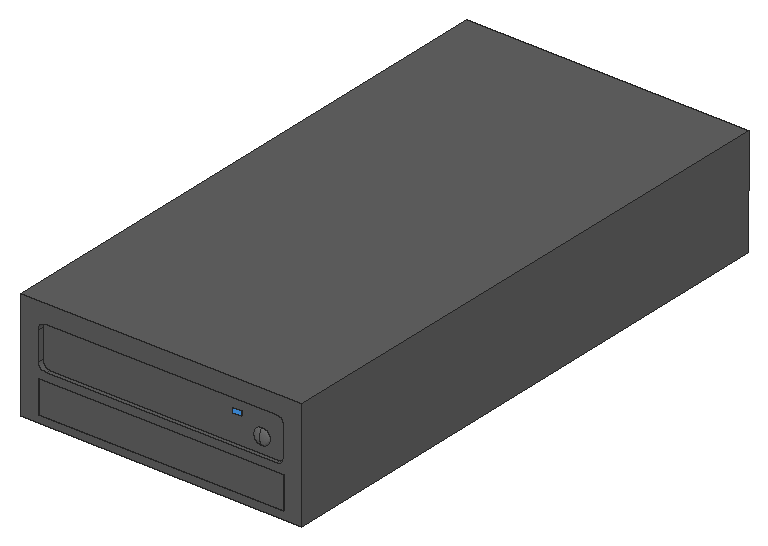
Revit family "Network IO Expander-Audio-Q-SYS-QIO-AES8x8", category Communication Devices, host Face, Revit 2022
Family settings
  Host = Face
  Round Connector Dimension = Use Diameter
  Part Type = Normal
  OmniClass Number = 23.85.10.17.11
  OmniClass Title = Audio-Visual System Components
  Cut with Voids When Loaded = No
  Maintain Annotation Orientation = No
  Shared = No
  Room Calculation Point = No
Parameters (values of type "AES8x8")
  Width = 4.29134"
  Weight Product = 1.72
  Weight Dimensional = 1.72
  Weight = 1.72 lbm
  Voltage = 24 V
  URL = "https://www.qsys.com/"
  Type Comments = "AES8x8"
  Product Page URL = "https://www.qsys.com/products-solutions/q-sys/control-io-controllers/qio-series/qio-aes8x8/"
  Product Documentation Link = "https://www.qsys.com/resource-files/productresources/dn/qio_series/q_dn_qio_aes8x8_spec_sheet.pdf"
  Power Factor = 0.9
  Part Number = ""
  Number of Poles = 2
  Model = "AES8x8"
  Minimum Circuit Amps = 2.5 A
  Manufacturer URL = "https://www.qsys.com/"
  Manufacturer = "Q-SYS"
  Load Classification = Other
  Length 1 = 0.11811"
  LED Material = Plastic - Q-SYS - LED Blue
  IQ Category = "Network IO Expander"  # constant formula
  Highlight Material = Plastic - Q-SYS - Black
  Height = 1.66929"
  Grille Material = Paint - Q-SYS - Black Mesh 2
  Frame Depth = 0.07874"
  Description = "Surface mounted network IO expander for Q-SYS platform."
  Depth = 8.5"
  Default Elevation = 48.0"
  Body Width = Width  # 4.29134"
  Body Offset = 0.0"
  Body Material = Paint - Q-SYS - Black
  Apparent Load = Voltage * Minimum Circuit Amps / Power Factor  # 66.6667 VA
Reference planes (in)
  plane 1 "Center (Front/Back)": y = 0
  plane 2: z = 0
  plane 3 "Center (Left/Right)": x = 0
  plane 4 "Back": y = 4.25
  plane 5 "Front": y = -4.25
  plane 6 "Left": x = -2.14567
  plane 7 "Right": x = 2.14567
  plane 8 "body left": x = -2.14567
  plane 9 "body right": x = 2.14567
  plane 10 "Bottom": z = 0
  plane 11 "Top": z = 1.66929
  plane 12 "body bottom": z = 0
  plane 13: z = 1.3937
  plane 14: z = 0.72441
  plane 15: x = -1.87008
  plane 16: x = 1.87008
  plane 17: y = -4.17126
  plane 18: x = 1.47638
  plane 19: z = 0.96063
  plane 20: y = -4.09252
Forms (in)
  Extrusion 1, solid, detail levels coarse
    sketch origin (0, 0, 0) x (1, 0, 0) y (0, 1, 0)
      loop
        line (-2.14567, 4.25) -> (-2.14567, -4.25) -> (2.14567, -4.25) -> (2.14567, 4.25) -> (-2.14567, 4.25)
    from 0 to 1.66929
  Extrusion 2, solid, material "Paint - Q-SYS - Black" <- "Body Material", detail levels medium+fine
    sketch origin (0, 0, 1.66929) x (-1, 0, 0) y (0, -1, 0)
      loop
        line (2.14567, -4.25) -> (2.14567, 4.25) -> (-2.14567, 4.25) -> (-2.14567, -4.25) -> (2.14567, -4.25)
    from -1.66929 to 0
  Extrusion 3, void
    sketch origin (0, -4.25, 0) x (-1, 0, 0) y (0, 0, 1)
      loop
        line (1.75197, 1.3937) -> (-1.75197, 1.3937)
        arc (-1.75197, 1.3937) -> (-1.83549, 1.35911) -> (-1.87008, 1.27559) r 0.11811
        line (-1.87008, 1.27559) -> (-1.87008, 0.84252)
        arc (-1.87008, 0.84252) -> (-1.83549, 0.759) -> (-1.75197, 0.72441) r 0.11811
        line (-1.75197, 0.72441) -> (1.75197, 0.72441)
        arc (1.75197, 0.72441) -> (1.83549, 0.759) -> (1.87008, 0.84252) r 0.11811
        line (1.87008, 0.84252) -> (1.87008, 1.27559)
        arc (1.87008, 1.27559) -> (1.83549, 1.35911) -> (1.75197, 1.3937) r 0.11811
    from 0 to 0.07874
  Extrusion 4, void
    sketch origin (0, -4.25, 0) x (-1, 0, 0) y (0, 0, 1)
      loop
        line (-1.87008, 0.6063) -> (-1.87008, 0.11811) -> (1.87008, 0.11811) -> (1.87008, 0.6063) -> (-1.87008, 0.6063)
    from 0.07874 to 0
  Extrusion 5, solid, material "Paint - Q-SYS - Black Mesh 2" <- "Grille Material", detail levels medium+fine
    sketch origin (0, -4.25, 0) x (-1, 0, 0) y (0, 0, 1)
      loop
        line (-1.87008, 0.6063) -> (-1.87008, 0.11811) -> (1.87008, 0.11811) -> (1.87008, 0.6063) -> (-1.87008, 0.6063)
    from 0.07874 to 0
  Revolve 6, solid, material "Plastic - Q-SYS - Black" <- "Highlight Material", detail levels fine
    sketch origin (1.47638, -180, 2.1288) x (0, 0, 1) y (0, -1, 0)
      loop
        line (-1.16817, -175.82874) -> (-1.04841, -175.82874)
        spline (-1.04841, -175.82874) -> (-1.04943, -175.8236) -> (-1.05249, -175.81855) -> (-1.05752, -175.81367) -> (-1.06445, -175.80906) -> (-1.07316, -175.80477) -> (-1.08348, -175.8009) -> (-1.09526, -175.79751) -> (-1.10829, -175.79464) -> (-1.12234, -175.79237) -> (-1.13717, -175.79071) -> (-1.15254, -175.78971) -> (-1.16817, -175.78937)
        line (-1.16817, -175.78937) -> (-1.16817, -175.82874)
      axis (-1.16817, -175.82874) -> (-1.16817, -175.78937)
    angle from 0 to 360
  Extrusion 7, solid, material "Plastic - Q-SYS - LED Blue" <- "LED Material", detail levels fine
    sketch origin (-8.27466, -4.09252, 48) x (-1, 0, 0) y (0, 0, 1)
      loop
        line (-9.31274, -46.7994) -> (-9.44062, -46.7994) -> (-9.44062, -46.86334) -> (-9.31274, -46.86334) -> (-9.31274, -46.7994)
    from 0 to -0.08661
  Extrusion 8, solid, material "Paint - Q-SYS - Black" <- "Body Material", detail levels medium+fine
    sketch origin (0, 4.25, 0) x (-1, 0, 0) y (0, 0, 1)
      loop
        line (-1.87008, 1.3937) -> (-1.87008, 1.03937) -> (-1.43701, 1.03937) -> (-1.43701, 1.3937) -> (-1.87008, 1.3937)
      loop
        line (-0.96457, 1.03937) -> (-0.96457, 1.3937) -> (-1.39764, 1.3937) -> (-1.39764, 1.03937) -> (-0.96457, 1.03937)
      loop
        line (-1.87008, 0.62992) -> (-1.87008, 0.27559) -> (-1.43701, 0.27559) -> (-1.43701, 0.62992) -> (-1.87008, 0.62992)
      loop
        line (-0.96457, 0.27559) -> (-0.96457, 0.62992) -> (-1.39764, 0.62992) -> (-1.39764, 0.27559) -> (-0.96457, 0.27559)
      loop
        line (-0.9252, 1.3937) -> (-0.9252, 1.03937) -> (-0.49213, 1.03937) -> (-0.49213, 1.3937) -> (-0.9252, 1.3937)
      loop
        line (-0.01969, 1.03937) -> (-0.01969, 1.3937) -> (-0.45276, 1.3937) -> (-0.45276, 1.03937) -> (-0.01969, 1.03937)
      loop
        line (-0.9252, 0.62992) -> (-0.9252, 0.27559) -> (-0.49213, 0.27559) -> (-0.49213, 0.62992) -> (-0.9252, 0.62992)
      loop
        line (-0.01969, 0.27559) -> (-0.01969, 0.62992) -> (-0.45276, 0.62992) -> (-0.45276, 0.27559) -> (-0.01969, 0.27559)
    from 0 to -0.03937
Cuts and joins
  Extrusion 3, Extrusion 4 cuts Extrusion 2
Lines and regions (in)
  Masking region 1, detail levels coarse
    outline origin (0, 0, 0) x (1, 0, 0) y (0, 1, 0)
      loop
        line (-2.14567, 4.25) -> (-2.14567, -4.25) -> (2.14567, -4.25) -> (2.14567, 4.25) -> (-2.14567, 4.25)
  Masking region 2, detail levels coarse
    outline origin (0, 0, 0) x (1, 0, 0) y (0, 0, 1)
      loop
        line (2.14567, 1.66929) -> (-2.14567, 1.66929) -> (-2.14567, 0) -> (2.14567, 0) -> (2.14567, 1.66929)
  Masking region 3, detail levels medium+fine
    outline origin (0, 0, 0) x (1, 0, 0) y (0, 0, 1)
      loop
        line (2.14567, 1.66929) -> (-2.14567, 1.66929) -> (-2.14567, 0) -> (2.14567, 0) -> (2.14567, 1.66929)
  Masking region 4, detail levels coarse
    outline origin (0, 0, 0) x (0, 1, 0) y (0, 0, 1)
      loop
        line (-4.25, 1.66929) -> (-4.25, 0) -> (4.25, 0) -> (4.25, 1.66929) -> (-4.25, 1.66929)
  Masking region 5, detail levels medium+fine
    outline origin (0, 0, 0) x (0, 1, 0) y (0, 0, 1)
      loop
        line (-4.25, 1.66929) -> (-4.25, 0) -> (4.25, 0) -> (4.25, 1.66929) -> (-4.25, 1.66929)
  Masking region 6, detail levels medium+fine
    outline origin (0, 0, 1.66929) x (-1, 0, 0) y (0, -1, 0)
      loop
        line (-2.14567, -4.25) -> (2.14567, -4.25) -> (2.14567, 4.25) -> (-2.14567, 4.25) -> (-2.14567, -4.25)
  symbolic lines, style "Detail", detail levels fine
    curve 1: circle (1.47638, -4.25, 0.96063) r 0.11977 normal (0, 1, 0)
    curve 10: line (1.03808, -4.25, 1.13666) -> (1.16596, -4.25, 1.13666)
    curve 11: line (1.16596, -4.25, 1.13666) -> (1.16596, -4.25, 1.2006)
    curve 12: line (1.16596, -4.25, 1.2006) -> (1.03808, -4.25, 1.2006)
    curve 13: line (1.03808, -4.25, 1.2006) -> (1.03808, -4.25, 1.13666)
  symbolic lines, style "Outline", detail levels medium+fine
    curve 2: line (-1.75197, -4.25, 1.3937) -> (1.75197, -4.25, 1.3937)
    curve 3: arc (1.75197, -4.25, 1.3937) -> (1.83549, -4.25, 1.35911) -> (1.87008, -4.25, 1.27559) r 0.11811
    curve 4: line (1.87008, -4.25, 1.27559) -> (1.87008, -4.25, 0.84252)
    curve 5: arc (1.87008, -4.25, 0.84252) -> (1.83549, -4.25, 0.759) -> (1.75197, -4.25, 0.72441) r 0.11811
    curve 6: line (1.75197, -4.25, 0.72441) -> (-1.75197, -4.25, 0.72441)
    curve 7: arc (-1.75197, -4.25, 0.72441) -> (-1.83549, -4.25, 0.759) -> (-1.87008, -4.25, 0.84252) r 0.11811
    curve 8: line (-1.87008, -4.25, 0.84252) -> (-1.87008, -4.25, 1.27559)
    curve 9: arc (-1.87008, -4.25, 1.27559) -> (-1.83549, -4.25, 1.35911) -> (-1.75197, -4.25, 1.3937) r 0.11811
Dimensions and locks (in)
  equal spacing: plane 4 "Back", plane 1 "Center (Front/Back)", plane 5 "Front"
  "Depth": plane 4 "Back" to plane 5 "Front"
  equal spacing: plane 6 "Left", plane 3 "Center (Left/Right)", plane 7 "Right"
  "Width": plane 6 "Left" to plane 7 "Right"
  "Height": plane 11 "Top" to plane 12 "body bottom"
  "Body Offset": plane 12 "body bottom" to plane 10 "Bottom"
  equal spacing: plane 8 "body left", plane 3 "Center (Left/Right)", plane 9 "body right"
  "Body Width": plane 8 "body left" to plane 9 "body right"
  locked: plane 13 to plane 14 at 0.66929
  locked: plane 11 "Top" to plane 13 at 0.27559
  locked: plane 9 "body right" to plane 16 at 0.27559
  locked: plane 15 to plane 8 "body left" at 0.27559
  "Frame Depth": plane 17 to plane 5 "Front"
  locked: plane 19 to plane 14 at 0.23622
  "Frame Depth": plane 20 to plane 17
  plane 16 to plane 18 = 0.3937"
  "Length 1": Extrusion 4 sketch curve to plane 12 "body bottom"
  "Length 1": plane 14 to Extrusion 4 sketch curve
  Extrusion 8 sketch curve to Extrusion 8 sketch curve = 0.43307"
  locked: Extrusion 8 sketch curve to Extrusion 8 sketch curve at 0.35433  (x4)
  locked: Extrusion 8 sketch curve to Extrusion 8 sketch curve at 0.03937  (x3)
  locked: plane 12 "body bottom" to Extrusion 8 sketch curve at 0.27559
  locked: Extrusion 8 sketch curve to Extrusion 8 sketch curve at 0.43307  (x3)
  "Length 1": radius of Extrusion 3 sketch curve  (x4)
  aligned and locked: plane 2 to host face
  aligned and locked: level to host face
  aligned and locked: plane 6 "Left" to Extrusion 1 sketch curve
  aligned and locked: Extrusion 1 sketch curve to plane 4 "Back"
  aligned and locked: Extrusion 1 sketch curve to plane 7 "Right"
  aligned and locked: plane 5 "Front" to Extrusion 1 sketch curve
  aligned and locked: level to plane 10 "Bottom"
  aligned and locked: plane 6 "Left" to Masking region 1 sketch curve
  aligned and locked: Masking region 1 sketch curve to plane 7 "Right"
  aligned and locked: Masking region 1 sketch curve to plane 4 "Back"
  aligned and locked: plane 5 "Front" to Masking region 1 sketch curve
  aligned and locked: Masking region 2 sketch curve to Extrusion 1  (x4)
  aligned and locked: Extrusion 1 to plane 10 "Bottom"
  aligned and locked: plane 11 "Top" to Extrusion 1
  aligned and locked: Masking region 4 sketch curve to Extrusion 1  (x4)
  aligned and locked: Extrusion 2 sketch curve to plane 9 "body right"
  aligned and locked: plane 5 "Front" to Extrusion 2 sketch curve
  aligned and locked: plane 8 "body left" to Extrusion 2 sketch curve
  aligned and locked: Extrusion 2 sketch curve to plane 4 "Back"
  aligned and locked: Extrusion 2 to plane 12 "body bottom"
  aligned and locked: plane 11 "Top" to Extrusion 2
  aligned and locked: plane 15 to Extrusion 3 sketch curve
  aligned and locked: Extrusion 3 sketch curve to plane 16
  aligned and locked: plane 17 to Extrusion 3
  aligned and locked: Extrusion 3 to plane 5 "Front"
  aligned and locked: Extrusion 4 to plane 17
  aligned and locked: cut or joined group of Extrusion 2, Extrusion 3, Extrusion 4 to Extrusion 5 sketch curve  (x2)
  aligned and locked: Extrusion 5 sketch curve to cut or joined group of Extrusion 2, Extrusion 3, Extrusion 4  (x2)
  aligned and locked: Extrusion 5 to plane 17
  aligned and locked: Revolve 6 sketch curve to plane 19
  aligned and locked: Masking region 6 sketch curve to cut or joined group of Extrusion 2, Extrusion 3, Extrusion 4  (x4)
  aligned and locked: curve 1 to Revolve 6
  aligned and locked: curve 3 to cut or joined group of Extrusion 2, Extrusion 3, Extrusion 4
  aligned and locked: curve 5 to cut or joined group of Extrusion 2, Extrusion 3, Extrusion 4
  aligned and locked: curve 7 to cut or joined group of Extrusion 2, Extrusion 3, Extrusion 4
  aligned and locked: curve 9 to cut or joined group of Extrusion 2, Extrusion 3, Extrusion 4
  aligned and locked: plane 16 to Extrusion 4 sketch curve
  aligned and locked: Extrusion 4 sketch curve to plane 15
  aligned and locked: Extrusion 8 sketch curve to plane 16
  aligned and locked: Extrusion 8 sketch curve to plane 13
  aligned and locked: Extrusion 8 sketch curve to Extrusion 8 sketch curve  (x8)
  aligned and locked: curve 13 to Extrusion 7
Automatic sketch dimensions
  host sketch curve to host sketch curve = 96.0"  (x2)
  plane 19 to Extrusion 7 sketch curve = 0.17603"
  Extrusion 7 sketch curve to Extrusion 7 sketch curve = 0.06394"
  Extrusion 7 sketch curve to plane 16 = 0.70412"
  Extrusion 7 sketch curve to Extrusion 7 sketch curve = 0.12788"
  Masking region 3 sketch curve to plane 6 "Left" = 0.0"
  Masking region 3 sketch curve to level = 0.0"
  Masking region 3 sketch curve to plane 7 "Right" = 0.0"
  Masking region 3 sketch curve to plane 11 "Top" = 0.0"
  Masking region 5 sketch curve to plane 5 "Front" = 0.0"
  Masking region 5 sketch curve to level = 0.0"
  Masking region 5 sketch curve to plane 4 "Back" = 0.0"
  Masking region 5 sketch curve to plane 11 "Top" = 0.0"
  Revolve 6 sketch curve to plane 17 = 0.0"
  Revolve 6 sketch curve to plane 19 = 0.0"  (x2)
  Revolve 6 sketch curve to Revolve 6 sketch curve = 0.11977"
  plane 17 to Revolve 6 sketch curve = 0.03937"
  plane 20 to Revolve 6 sketch curve = 0.8996"
  Revolve 6 sketch curve to plane 5 "Front" = 1.05699"
  Extrusion 8 sketch curve to plane 13 = 0.0"  (x3)
  Extrusion 8 sketch curve to Extrusion 8 sketch curve = 0.0"  (x5)
  plane 19 to Extrusion 8 sketch curve = 0.07874"
  Extrusion 8 sketch curve to plane 16 = 0.0"
  Extrusion 3 sketch curve to plane 14 = 0.0"
  Extrusion 3 sketch curve to plane 13 = 0.0"
  curve 10 to curve 13 = 0.12788"
  plane 19 to curve 11 = 0.17603"
  curve 10 to curve 12 = 0.06394"
Connectors (in)
  electrical at (0, 4.25, 0.83465), driven by "Number of Poles", driven by "Load Classification", driven by "Voltage", driven by "Apparent Load", driven by "Power Factor"
    settings: on cut or joined group of Extrusion 2, Extrusion 3, Extrusion 4, index 1, voltage 24 V, apparent load 66.6667 VA, apparent load phase1 0 VA, apparent load phase2 0 VA, apparent load phase3 0 VA, power factor 0.9, load classification "Other", number of poles 2, system type 30, power factor state 1, is connector primary yes, connector utility no, sub classification motor no, connector description "Power"
  electrical at (0, 4.25, 0.83465)
    settings: on cut or joined group of Extrusion 2, Extrusion 3, Extrusion 4, index 2, voltage 0 V, apparent load 0 VA, apparent load phase1 0 VA, apparent load phase2 0 VA, apparent load phase3 0 VA, power factor 1, load classification "Other", number of poles 1, system type 5, power factor state 1, is connector primary no, connector utility no, sub classification motor no, connector description "Ethernet Network"
  electrical at (1.65354, 4.25, 1.21654)
    settings: on Extrusion 8, index 4, voltage 0 V, apparent load 0 VA, apparent load phase1 0 VA, apparent load phase2 0 VA, apparent load phase3 0 VA, power factor 1, load classification "Other", number of poles 1, system type 14, power factor state 1, is connector primary no, connector utility no, sub classification motor no, connector description "AES Input 1 & 2"
  electrical at (1.1811, 4.25, 1.21654)
    settings: on Extrusion 8, index 5, voltage 0 V, apparent load 0 VA, apparent load phase1 0 VA, apparent load phase2 0 VA, apparent load phase3 0 VA, power factor 1, load classification "Other", number of poles 1, system type 14, power factor state 1, is connector primary no, connector utility no, sub classification motor no, connector description "AES Input 3 & 4"
  electrical at (1.65354, 4.25, 0.45276)
    settings: on Extrusion 8, index 6, voltage 0 V, apparent load 0 VA, apparent load phase1 0 VA, apparent load phase2 0 VA, apparent load phase3 0 VA, power factor 1, load classification "Other", number of poles 1, system type 14, power factor state 1, is connector primary no, connector utility no, sub classification motor no, connector description "AES Input 5 & 6"
  electrical at (1.1811, 4.25, 0.45276)
    settings: on Extrusion 8, index 7, voltage 0 V, apparent load 0 VA, apparent load phase1 0 VA, apparent load phase2 0 VA, apparent load phase3 0 VA, power factor 1, load classification "Other", number of poles 1, system type 14, power factor state 1, is connector primary no, connector utility no, sub classification motor no, connector description "AES Input 7 & 8"
  electrical at (0.70866, 4.25, 1.21654)
    settings: on Extrusion 8, index 8, voltage 0 V, apparent load 0 VA, apparent load phase1 0 VA, apparent load phase2 0 VA, apparent load phase3 0 VA, power factor 1, load classification "Other", number of poles 1, system type 14, power factor state 1, is connector primary no, connector utility no, sub classification motor no, connector description "AES Output 1 & 2"
  electrical at (0.23622, 4.25, 1.21654)
    settings: on Extrusion 8, index 9, voltage 0 V, apparent load 0 VA, apparent load phase1 0 VA, apparent load phase2 0 VA, apparent load phase3 0 VA, power factor 1, load classification "Other", number of poles 1, system type 14, power factor state 1, is connector primary no, connector utility no, sub classification motor no, connector description "AES Output 3 & 4"
  electrical at (0.70866, 4.25, 0.45276)
    settings: on Extrusion 8, index 10, voltage 0 V, apparent load 0 VA, apparent load phase1 0 VA, apparent load phase2 0 VA, apparent load phase3 0 VA, power factor 1, load classification "Other", number of poles 1, system type 14, power factor state 1, is connector primary no, connector utility no, sub classification motor no, connector description "AES Output 5 & 6"
  electrical at (0.23622, 4.25, 0.45276)
    settings: on Extrusion 8, index 11, voltage 0 V, apparent load 0 VA, apparent load phase1 0 VA, apparent load phase2 0 VA, apparent load phase3 0 VA, power factor 1, load classification "Other", number of poles 1, system type 14, power factor state 1, is connector primary no, connector utility no, sub classification motor no, connector description "AES Output 7 & 8"
